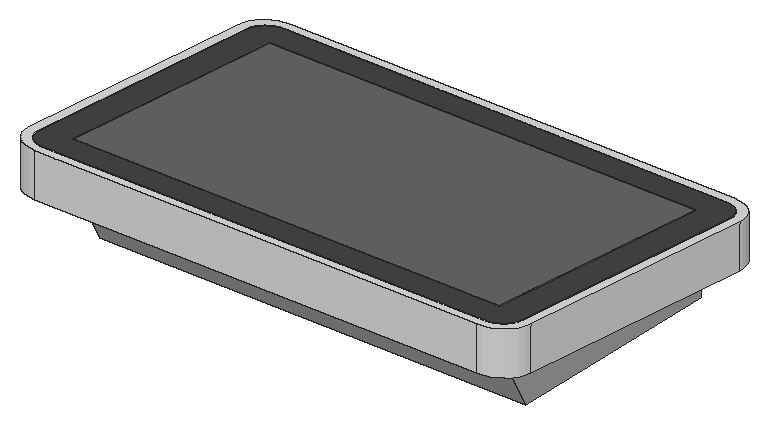
Revit family "5054_Display Unit", category Fire Alarm Devices, host Face, Revit 2020
Family settings
  Host = Face
  Maintain Annotation Orientation = No
  Round Connector Dimension = Use Diameter
  Part Type = Normal
  OmniClass Number = 23.85.30.21
  OmniClass Title = Environmental Detection/Registration
  Cut with Voids When Loaded = No
  Shared = No
  Room Calculation Point = No
Parameters (values of type "5054")
  Width (mm) = 264 mm  # constant formula
  Weight = "1400 g"  # constant formula
  Voltage Normal = "24 VDC"  # constant formula
  Voltage Allowed = "12 – 30 VDC"  # constant formula
  Version = "RVT20"  # constant formula
  Uniformat 2010 Description = "Detection and Alarm"  # constant formula
  Uniformat 2010  Code = "D7050"  # constant formula
  Uniclass 2015 Description = "Fire and smoke detector bases"  # constant formula
  Uniclass 2015 Code = "Pr_75_80_30_27 "  # constant formula
  URL = "https://www.panasonic-fire-security.com"
  Type Comments = "The display unit 5054 consists of a colour touch display and has multi language support. It is intended to be used for fire alarms and information in the fire alarm system. Up to 30 units can be connected to one EBL Control unit. Up to 1200 meters to the unit farthest away. Highest security, fully redundant 24V and RS485 connection"  # constant formula
  Tested and Approved = " Design to comply with EN54-2 in applicable parts"  # constant formula
  Technical Number [instance] = ""
  Short Circuit Isolator = "No"  # constant formula
  Selectable Function = "Presentation unit, fire brigade panel, alert annunciation unit, general control panel"  # constant formula
  Resolution = "1024x600 RGB"  # constant formula
  Product Material = PC/ABS Polyblend 65FS_Light grey (NCS S 1500-N)
  Omniclass Description = "Smoke Detectors"  # constant formula
  Omniclass Code = "23.85.30.21.11.11.11"  # constant formula
  Model = "5054"  # constant formula
  Min_Wire Size = "Ø 0.6 mm (0.3 mm²)"  # constant formula
  Max_Wire Size = "Ø 1.85 mm (2.08 mm²)"  # constant formula
  Manufacturer = "Panasonic"  # constant formula
  Ingress Protection Rating = "IP30"  # constant formula
  Height (mm) = 169 mm  # constant formula
  Display Size = "10.1 inch"  # constant formula
  Description = "Display unit 5054"  # constant formula
  Depth (mm) = 56 mm  # constant formula
  Default Elevation = 0 mm
  Current Quiescent_24 VDC = "45 mA"  # constant formula
  Current Quiescent_12 VDC = "80 mA"  # constant formula
  Current Active_24 VDC = "180 mA"  # constant formula
  Current Active_12 VDC = "350 mA"  # constant formula
  Contact = ""
  Connection = "RS485 (Redundancy)"  # constant formula
  Buzzer = "Yes"  # constant formula
  Ambient Temperature Storage = "-30 to +80 °C"  # constant formula
  Ambient Temperature Operating = "-5 to +40 °C"  # constant formula
  Ambient Humidity = "Maximum 93 % RH  "  # constant formula
  Address Range = "00-29"  # constant formula
Reference planes
  plane 1 "Center (Front/Back)": y = 0
  plane 2: z = 0
  plane 3 "Center (Left/Right)": x = 0
  plane 4: z = 56
  plane 5: x = -132
  plane 6: x = 132
  plane 7: y = 84.5
  plane 8: y = -84.5
  plane 9: x = -127
  plane 10: x = -112
  plane 11: x = 127
  plane 12: x = 112
  plane 13: y = 79.5
  plane 14: y = 64.5
  plane 15: y = -79.5
  plane 16: y = -64.5
  plane 17: z = 41
  plane 18: z = 18
  plane 19: z = 33
  plane 20: y = -46.87
  plane 21: y = 68.13
Forms (mm)
  Extrusion 1, solid, material "White"
    sketch origin (0, 0, 0) x (1, 0, 0) y (0, 1, 0)
      loop
        line (-116, -84.5) -> (116, -84.5)
        arc (116, -84.5) -> (127.314, -79.814) -> (132, -68.5) r 16
        line (132, -68.5) -> (132, 68.5)
        arc (132, 68.5) -> (127.314, 79.814) -> (116, 84.5) r 16
        line (116, 84.5) -> (-116, 84.5)
        arc (-116, 84.5) -> (-127.314, 79.814) -> (-132, 68.5) r 16
        line (-132, 68.5) -> (-132, -68.5)
        arc (-132, -68.5) -> (-127.314, -79.814) -> (-116, -84.5) r 16
      loop
        arc (-116, 79.5) -> (-123.778, 76.278) -> (-127, 68.5) r 11
        line (-127, 68.5) -> (-127, -68.5)
        arc (-127, -68.5) -> (-123.778, -76.278) -> (-116, -79.5) r 11
        line (-116, -79.5) -> (116, -79.5)
        arc (116, -79.5) -> (123.778, -76.278) -> (127, -68.5) r 11
        line (127, -68.5) -> (127, 68.5)
        arc (127, 68.5) -> (123.778, 76.278) -> (116, 79.5) r 11
        line (116, 79.5) -> (-116, 79.5)
    from 18 to 56
  Extrusion 2, void
    sketch origin (0, 0, 0) x (0, 1, 0) y (0, 0, 1)
      loop
        line (-84.5, 18) -> (84.5, 18) -> (-84.5, 33) -> (-84.5, 18)
      loop
        line (-84.5, 56) -> (84.5, 41) -> (84.5, 56) -> (-84.5, 56)
    from -132 to 132
  Extrusion 3, solid, material "Black"
    sketch origin (0, 0, 0) x (1, 0, 0) y (0, 1, 0)
      loop
        arc (-116, 79.5) -> (-123.778, 76.278) -> (-127, 68.5) r 11
        line (-127, 68.5) -> (-127, -68.5)
        arc (-127, -68.5) -> (-123.778, -76.278) -> (-116, -79.5) r 11
        line (-116, -79.5) -> (116, -79.5)
        arc (116, -79.5) -> (123.778, -76.278) -> (127, -68.5) r 11
        line (127, -68.5) -> (127, 68.5)
        arc (127, 68.5) -> (123.778, 76.278) -> (116, 79.5) r 11
        line (116, 79.5) -> (-116, 79.5)
      loop
        line (-112, 64.5) -> (-112, -64.5) -> (112, -64.5) -> (112, 64.5) -> (-112, 64.5)
    from 18 to 56
  Extrusion 4, solid, material "Black Screen"
    sketch origin (0, 0, 0) x (1, 0, 0) y (0, 1, 0)
      loop
        line (-112, 64.5) -> (-112, -64.5) -> (112, -64.5) -> (112, 64.5) -> (-112, 64.5)
    from 18 to 56
  Blend 5, solid, material "PC/ABS Polyblend 65FS_Light grey (NCS S 1500-N)" <- "Product Material"
    base sketch origin (0, 0, 0) x (1, 0, 0) y (0, 1, 0)
      loop
        line (-112, 68.13) -> (-112, -46.87) -> (112, -46.87) -> (112, 68.13) -> (-112, 68.13)
    top sketch origin (0, 0, 0) x (1, 0, 0) y (0, 1, 0)
      loop
        line (-112, 68.13) -> (-112, -64.5) -> (112, -64.5) -> (112, 68.13) -> (-112, 68.13)
    from 0 to 33
Cuts and joins
  Extrusion 2 cuts Extrusion 1
  Extrusion 2 cuts Extrusion 3
  Extrusion 2 cuts Extrusion 4
Dimensions and locks
  "Depth (mm)": plane 4 to host face
  aligned and locked: plane 2 to host face
  aligned and locked: level to host face
  aligned and locked: plane 8 to Extrusion 1 sketch curve
  aligned and locked: Extrusion 1 sketch curve to plane 5
  aligned and locked: plane 7 to Extrusion 1 sketch curve
  aligned and locked: Extrusion 1 sketch curve to plane 6
  aligned and locked: Extrusion 1 sketch curve to plane 13
  aligned and locked: plane 9 to Extrusion 1 sketch curve
  aligned and locked: Extrusion 1 sketch curve to plane 15
  aligned and locked: plane 11 to Extrusion 1 sketch curve
  aligned and locked: plane 4 to Extrusion 1
  aligned and locked: Extrusion 1 to plane 18
  aligned and locked: plane 4 to Extrusion 2 sketch curve
  aligned and locked: plane 18 to Extrusion 2 sketch curve
  aligned and locked: Extrusion 2 sketch curve to plane 8
  aligned and locked: plane 8 to Extrusion 2 sketch curve  (x2)
  aligned and locked: plane 7 to Extrusion 2 sketch curve  (x2)
  aligned and locked: Extrusion 2 to plane 6
  aligned and locked: Extrusion 2 to plane 5
  aligned and locked: Extrusion 3 sketch curve to plane 13
  aligned and locked: plane 9 to Extrusion 3 sketch curve
  aligned and locked: Extrusion 3 sketch curve to plane 15
  aligned and locked: plane 11 to Extrusion 3 sketch curve
  aligned and locked: Extrusion 3 sketch curve to plane 14
  aligned and locked: plane 10 to Extrusion 3 sketch curve
  aligned and locked: Extrusion 3 sketch curve to plane 16
  aligned and locked: plane 12 to Extrusion 3 sketch curve
  aligned and locked: Extrusion 3 to plane 18
  aligned and locked: plane 4 to Extrusion 3
  aligned and locked: Extrusion 4 sketch curve to cut or joined group of Extrusion 2, Extrusion 3  (x2)
  aligned and locked: Extrusion 4 sketch curve to plane 16
  aligned and locked: plane 12 to Extrusion 4 sketch curve
  aligned and locked: plane 4 to Extrusion 4
  aligned and locked: Extrusion 4 to plane 18
  aligned and locked: plane 21 to Blend 5 sketch curve
  aligned and locked: plane 10 to Blend 5 sketch curve
  aligned and locked: Blend 5 sketch curve to plane 20
  aligned and locked: plane 12 to Blend 5 sketch curve
  aligned and locked: Blend 5 sketch curve to var sketch  (x2)
  aligned and locked: Blend 5 sketch curve to cut or joined group of Extrusion 2, Extrusion 3  (x2)
  aligned and locked: Blend 5 to level
  aligned and locked: plane 19 to Blend 5
Automatic sketch dimensions
  host sketch curve to host sketch curve = 2438.4 mm  (x2)
  Extrusion 2 sketch curve to plane 19 = 0 mm
  Extrusion 2 sketch curve to plane 17 = 0 mm
  Extrusion 1 sketch curve to Extrusion 1 sketch curve = 0 mm  (x4)
  Extrusion 1 sketch curve to plane 10 = 4 mm  (x2)
  Extrusion 1 sketch curve to plane 12 = 4 mm  (x2)
  Extrusion 3 sketch curve to plane 10 = 4 mm  (x2)
  Extrusion 3 sketch curve to plane 12 = 4 mm  (x2)
